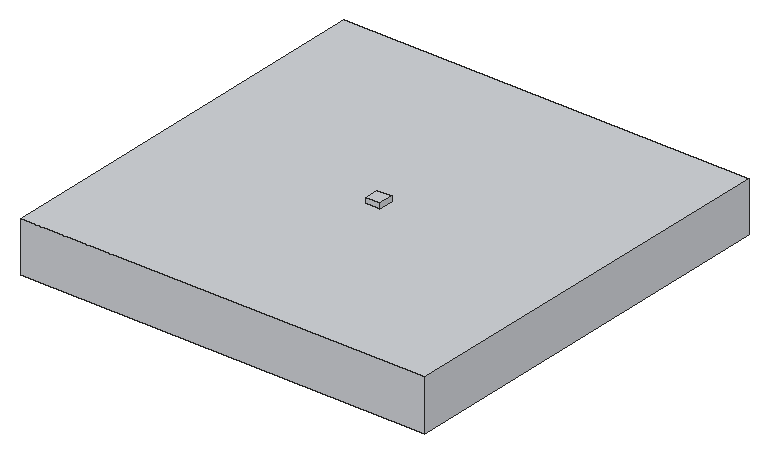
Revit family "M_Cartão chave", category Dispositivos de segurança, Revit 2019
Family settings
  Hospedeiro = Face
  Manter orientação da anotação = Sim
  Cota do conector redondo = Utilizar diâmetro
  Tipo de parte = Normal
  Número OmniClass = 23.85.30.11.17
  Título OmniClass = Electronic Key Systems
  ID de item do Seek = Key Card-0000-CAN-ENU
  Corte com vazios quando carregada = Não
  Compartilhado = Não
  Ponto de cálculo do ambiente = Não
Parameters (values of type "Padrão")
  Legenda = "K"
  Elevação-padrão = 1200 mm
  Largura = 86 mm
  Material = none
  Comprimento = 86 mm
  Altura = 29 mm
Reference planes
  plane 1 "Centro (Frente/Trás)": y = 0
  plane 2: z = 0
  plane 3 "Centro (Esquerda/Direita)": x = 0
  plane 4: y = -86
  plane 5: x = -43
  plane 6: x = 43
  plane 7: z = 29
Forms (mm)
  Extrusion 1, solid
    sketch origin (0, 0, 0) x (1, 0, 0) y (0, 1, 0)
      loop
        line (-1219.2, 1219.2) -> (-1219.2, -1219.2) -> (1219.2, -1219.2) -> (1219.2, 1219.2) -> (-1219.2, 1219.2)
    from 0 to -304.8
  Extrusion 2, solid, material <- "Material"
    sketch origin (0, 0, 0) x (1, 0, 0) y (0, 1, 0)
      loop
        line (-43, 0) -> (-43, -86) -> (43, -86) -> (43, 0) -> (-43, 0)
    from 0 to 29
Lines and regions (mm)
  symbolic lines, detail levels fine
    curve 1: line (43, 0, 29) -> (-43, 0, 29)
    curve 2: line (-43, 0, 29) -> (-43, 0, 0)
    curve 3: line (43, 0, 0) -> (43, 0, 29)
    curve 4: line (43, 0, 0) -> (-43, 0, 0)
Dimensions and locks
  equal spacing: plane 5, plane 3 "Centro (Esquerda/Direita)", plane 6
  "Comprimento": plane 5 to plane 6
  "Largura": plane 1 "Centro (Frente/Trás)" to plane 4
  "Altura": plane 7 to plane 2
  aligned and locked: plane 2 to Extrusion 1
  aligned and locked: level to Extrusion 1
  aligned and locked: plane 5 to Extrusion 2 sketch curve
  aligned and locked: plane 1 "Centro (Frente/Trás)" to Extrusion 2 sketch curve
  aligned and locked: plane 4 to Extrusion 2 sketch curve
  aligned and locked: Extrusion 2 sketch curve to plane 6
  aligned and locked: Extrusion 2 to plane 2
  aligned and locked: plane 7 to Extrusion 2
  aligned and locked: curve 1 to Extrusion 2
  aligned and locked: curve 2 to Extrusion 2
  aligned and locked: curve 3 to Extrusion 2
  aligned and locked: curve 4 to Extrusion 2
  aligned and locked: plane 1 "Centro (Frente/Trás)" to nested 1
  aligned and locked: plane 3 "Centro (Esquerda/Direita)" to nested 1
Automatic sketch dimensions
  Extrusion 1 sketch curve to Extrusion 1 sketch curve = 2438.4 mm  (x2)
Nested families
  nested 1: "M_Anotação do cartão chave" at (0, 0, 0), type "Anotação do cartão chave", detail levels coarse+medium
Connectors
  electrical at (0, -43, 0)
    settings: on Extrusion 2, index 1, voltage 0 V, apparent load 0 VA, apparent load phase1 0 VA, apparent load phase2 0 VA, apparent load phase3 0 VA, power factor 1, load classification "Outros", number of poles 1, system type 10, power factor state 1, is connector primary yes, connector utility no, sub classification motor no, connector description ""
Definition of nested family "M_Anotação do cartão chave"
  Parameters
    Anotação de legenda = "K"
  Reference planes
    plane 1: y = 0
    plane 2: x = 0
  Lines and regions (mm)
    reference lines
      curve 1: line (-10.133, 4.763, 0) -> (27.201, 4.763, 0)
      curve 2: line (-2.381, 6.601, 0) -> (-2.381, -3.326, 0)
      curve 3: line (2.381, 7.392, 0) -> (2.381, -4.621, 0)
    detail lines
      curve 4: line (-2.381, 4.763, 0) -> (2.381, 4.763, 0)
      curve 5: line (-2.381, 0, 0) -> (-2.381, 4.763, 0)
      curve 6: line (2.381, 0, 0) -> (-2.381, 0, 0)
      curve 7: line (2.381, 4.763, 0) -> (2.381, 0, 0)
  Text (mm)
    label "D" at (-1.154, 2.065, 0), shows "Anotação de legenda"
  Dimensions and locks
    locked: plane 1 to curve 1 at 4.763
    locked: curve 2 to plane 2 at 2.381
    locked: plane 2 to curve 3 at 2.381
    aligned and locked: curve 1 to curve 4
    aligned and locked: curve 3 to curve 7
    aligned and locked: curve 6 to plane 1
    aligned and locked: curve 5 to curve 2
